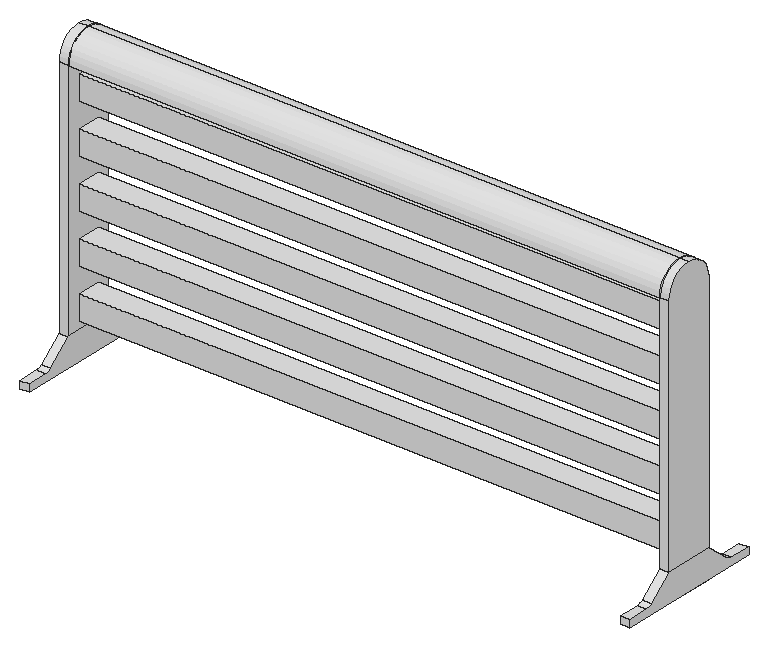
Revit family "Sunshade-Linear-Kawneer-Storefront-Rounded", category Specialty Equipment, host Face, Revit 2015
Parameters
  Width [instance] = 5' - 0"
  URL = "http://www.kawneer.com/kawneer/north_america/en/home.asp"
  Type Comments = ""
  Show Right Outrigger [instance] = yes
  Show Left Outrigger [instance] = yes
  Product data url = "https://bimobject.com/kawneerna/product/04315"
  Product Page URL = "http://www.kawneer.com/kawneer/north_america/en/product.asp?cat_id=1463&prod_id=4315"
  Product Documentation Link = "http://www.kawneer.com/kawneer/north_america/catalog/pdf/Sun_Control/Versoleil_Storefront_Flyer.pdf"
  Model = "Sunshade Linear Storefront"  # constant formula
  Manufacturer = "Kawneer "  # constant formula
  Length = 2' - 6"
  Has Same Mullion Distance [instance] = yes
  Finish = Aluminum - Kawneer - Clear
  Description = "Rounded Outrigger, Bullnose Fascias"
  Default Elevation = 4' - 0"
  Copyright © = "©2012 Kawneer  "  # constant formula
  Mullion Distance [instance] = 4' - 0"
  CTRl Outrigger Count [instance] = if(Outrigger 21 Distance > 0' 0", 23, if(Outrigger 20 Distance > 0' 0", 22, if(Outrigger 19 Distance > 0' 0", 21, if(Outrigger 18 Distance > 0' 0", 20, if(Outrigger 17 Distance > 0' 0", 19, if(Outrigger 16 Distance > 0' 0", 18, if(Outrigger 15 Distance > 0' 0", 17, if(Outrigger 14 Distance > 0' 0", 16, if(Outrigger 13 Distance > 0' 0", 15, if(Outrigger 12 Distance > 0' 0", 14, if(Outrigger 11 Distance > 0' 0", 13, if(Outrigger 10 Distance > 0' 0", 12, if(Outrigger 09 Distance > 0' 0", 11, if(Outrigger 08 Distance > 0' 0", 10, if(Outrigger 07 Distance > 0' 0", 9, if(Outrigger 06 Distance > 0' 0", 8, if(Outrigger 05 Distance > 0' 0", 7, if(Outrigger 04 Distance > 0' 0", 6, if(Outrigger 03 Distance > 0' 0", 5, if(Outrigger 02 Distance > 0' 0", 4, if(Outrigger 01 Distance > 0' 0", 3, (Width / Mullion Distance) + 1)))))))))))))))))))))  # 3
  CTRL Outrigger 21 Distance [instance] = if(Outrigger Count < 23, 0' 0", if(Has Same Mullion Distance, Mullion Distance, if(Outrigger 21 Distance > 5' 0", 5' 0", Outrigger 21 Distance)))  # 0' - 0"
  CTRL Outrigger 20 Distance [instance] = if(Outrigger Count < 22, 0' 0", if(Has Same Mullion Distance, Mullion Distance, if(Outrigger 20 Distance > 5' 0", 5' 0", Outrigger 20 Distance)))  # 0' - 0"
  CTRL Outrigger 19 Distance [instance] = if(Outrigger Count < 21, 0' 0", if(Has Same Mullion Distance, Mullion Distance, if(Outrigger 19 Distance > 5' 0", 5' 0", Outrigger 19 Distance)))  # 0' - 0"
  CTRL Outrigger 18 Distance [instance] = if(Outrigger Count < 20, 0' 0", if(Has Same Mullion Distance, Mullion Distance, if(Outrigger 18 Distance > 5' 0", 5' 0", Outrigger 18 Distance)))  # 0' - 0"
  CTRL Outrigger 17 Distance [instance] = if(Outrigger Count < 19, 0' 0", if(Has Same Mullion Distance, Mullion Distance, if(Outrigger 17 Distance > 5' 0", 5' 0", Outrigger 17 Distance)))  # 0' - 0"
  CTRL Outrigger 16 Distance [instance] = if(Outrigger Count < 18, 0' 0", if(Has Same Mullion Distance, Mullion Distance, if(Outrigger 16 Distance > 5' 0", 5' 0", Outrigger 16 Distance)))  # 0' - 0"
  CTRL Outrigger 15 Distance [instance] = if(Outrigger Count < 17, 0' 0", if(Has Same Mullion Distance, Mullion Distance, if(Outrigger 15 Distance > 5' 0", 5' 0", Outrigger 15 Distance)))  # 0' - 0"
  CTRL Outrigger 14 Distance [instance] = if(Outrigger Count < 16, 0' 0", if(Has Same Mullion Distance, Mullion Distance, if(Outrigger 14 Distance > 5' 0", 5' 0", Outrigger 14 Distance)))  # 0' - 0"
  CTRL Outrigger 13 Distance [instance] = if(Outrigger Count < 15, 0' 0", if(Has Same Mullion Distance, Mullion Distance, if(Outrigger 13 Distance > 5' 0", 5' 0", Outrigger 13 Distance)))  # 0' - 0"
  CTRL Outrigger 12 Distance [instance] = if(Outrigger Count < 14, 0' 0", if(Has Same Mullion Distance, Mullion Distance, if(Outrigger 12 Distance > 5' 0", 5' 0", Outrigger 12 Distance)))  # 0' - 0"
  CTRL Outrigger 11 Distance [instance] = if(Outrigger Count < 13, 0' 0", if(Has Same Mullion Distance, Mullion Distance, if(Outrigger 11 Distance > 5' 0", 5' 0", Outrigger 11 Distance)))  # 0' - 0"
  CTRL Outrigger 10 Distance [instance] = if(Outrigger Count < 12, 0' 0", if(Has Same Mullion Distance, Mullion Distance, if(Outrigger 10 Distance > 5' 0", 5' 0", Outrigger 10 Distance)))  # 0' - 0"
  CTRL Outrigger 09 Distance [instance] = if(Outrigger Count < 11, 0' 0", if(Has Same Mullion Distance, Mullion Distance, if(Outrigger 09 Distance > 5' 0", 5' 0", Outrigger 09 Distance)))  # 0' - 0"
  CTRL Outrigger 08 Distance [instance] = if(Outrigger Count < 10, 0' 0", if(Has Same Mullion Distance, Mullion Distance, if(Outrigger 08 Distance > 5' 0", 5' 0", Outrigger 08 Distance)))  # 0' - 0"
  CTRL Outrigger 07 Distance [instance] = if(Outrigger Count < 9, 0' 0", if(Has Same Mullion Distance, Mullion Distance, if(Outrigger 07 Distance > 5' 0", 5' 0", Outrigger 07 Distance)))  # 0' - 0"
  CTRL Outrigger 06 Distance [instance] = if(Outrigger Count < 8, 0' 0", if(Has Same Mullion Distance, Mullion Distance, if(Outrigger 06 Distance > 5' 0", 5' 0", Outrigger 06 Distance)))  # 0' - 0"
  CTRL Outrigger 05 Distance [instance] = if(Outrigger Count < 7, 0' 0", if(Has Same Mullion Distance, Mullion Distance, if(Outrigger 05 Distance > 5' 0", 5' 0", Outrigger 05 Distance)))  # 0' - 0"
  CTRL Outrigger 04 Distance [instance] = if(Outrigger Count < 6, 0' 0", if(Has Same Mullion Distance, Mullion Distance, if(Outrigger 04 Distance > 5' 0", 5' 0", Outrigger 04 Distance)))  # 0' - 0"
  CTRL Outrigger 03 Distance [instance] = if(Outrigger Count < 5, 0' 0", if(Has Same Mullion Distance, Mullion Distance, if(Outrigger 03 Distance > 5' 0", 5' 0", Outrigger 03 Distance)))  # 0' - 0"
  CTRL Outrigger 02 Distance [instance] = if(Outrigger Count < 4, 0' 0", if(Has Same Mullion Distance, Mullion Distance, if(Outrigger 02 Distance > 5' 0", 5' 0", Outrigger 02 Distance)))  # 0' - 0"
  CTRL Outrigger 01 Distance [instance] = if(Outrigger Count < 3, 0' 0", if(Has Same Mullion Distance, Mullion Distance, if(Outrigger 01 Distance > 5' 0", 5' 0", Outrigger 01 Distance)))  # 0' - 0"
  CTRL Length = if(Length < 2' 6", 2' 6", if(Length = 2' 6", 2' 6", if(Length < 3' 0", 3' 0", if(Length = 3' 0", 3' 0", 2' 6"))))  # 2' - 6"
  Blades Distance = 0' - 5"
  CTRL Middle Blade Visibility [instance] = if(Outrigger Count = 2, 1 = 0, 1 = 1)  # no
  Outrigger Count [instance] = if(Has Same Mullion Distance, (Width / Mullion Distance) + 1, CTRl Outrigger Count)  # 2
  Outrigger 21 Distance [instance] = 0' - 0"
  Outrigger 20 Distance [instance] = 0' - 0"
  Outrigger 19 Distance [instance] = 0' - 0"
  Outrigger 18 Distance [instance] = 0' - 0"
  Outrigger 17 Distance [instance] = 0' - 0"
  Outrigger 16 Distance [instance] = 0' - 0"
  Outrigger 15 Distance [instance] = 0' - 0"
  Outrigger 14 Distance [instance] = 0' - 0"
  Outrigger 13 Distance [instance] = 0' - 0"
  Outrigger 12 Distance [instance] = 0' - 0"
  Outrigger 11 Distance [instance] = 0' - 0"
  Outrigger 10 Distance [instance] = 0' - 0"
  Outrigger 09 Distance [instance] = 0' - 0"
  Outrigger 08 Distance [instance] = 0' - 0"
  Outrigger 07 Distance [instance] = 0' - 0"
  Outrigger 06 Distance [instance] = 0' - 0"
  Outrigger 05 Distance [instance] = 0' - 0"
  Outrigger 04 Distance [instance] = 0' - 0"
  Outrigger 03 Distance [instance] = 0' - 0"
  Outrigger 02 Distance [instance] = 0' - 0"
  Outrigger 01 Distance [instance] = 1' - 6"
  Blade Width [instance] = if(1 = 1, Width, 1' 0")  # 5' - 0"
  Blade Type = Blade-Kawneer-Square : Versoleil
  Blade Count = 5
Reference planes (in)
  plane 1 "Center (Front/Back)": y = 0
  plane 2: z = 0
  plane 3 "Center (Left/Right)": x = 3.30772
  plane 4 "Bracket Bottom": z = 0
  plane 5 "Arm_Center-(T/B)": z = 2.07581
  plane 6 "Left": x = -26.69228
  plane 7 "Right": x = 33.30772
  plane 8 "Bracket_Center-(L/R)-Left": x = -27.16103
  plane 9 "Bracket_Center-(L/R)-Right": x = 33.77647
  plane 10 "Bracket Set 1": x = -27.16103
  plane 11 "Bracket Set 20": x = -27.16103
  plane 12 "Bracket Set 2": x = -27.16103
  plane 13 "Bracket Set 3": x = -27.16103
  plane 14 "Bracket Set 4": x = -27.16103
  plane 15 "Bracket Set 5": x = -27.16103
  plane 16 "Bracket Set 6": x = -27.16103
  plane 17 "Bracket Set 7": x = -27.16103
  plane 18 "Bracket Set 8": x = -27.16103
  plane 19 "Bracket Set 9": x = -27.16103
  plane 20 "Bracket Set 10": x = -27.16103
  plane 21 "Bracket Set 11": x = -27.16103
  plane 22 "Bracket Set 12": x = -27.16103
  plane 23 "Bracket Set 13": x = -27.16103
  plane 24 "Bracket Set 14": x = -27.16103
  plane 25 "Bracket Set 15": x = -27.16103
  plane 26 "Bracket Set 16": x = -27.16103
  plane 27 "Bracket Set 17": x = -27.16103
  plane 28 "Bracket Set 18": x = -27.16103
  plane 29 "Bracket Set 19": x = -27.16103
  plane 30 "Bracket Set 21": x = -27.16103
  plane 31 "Left of Right Outrigger": x = 33.30772
  plane 32 "Right of Right Outrigger": x = 34.24522
  plane 33 "Left of Left Outrigger": x = -27.62978
  plane 34 "Right of Left Outrigger": x = -26.69228
  plane 35 "Blade 1": z = 5
  plane 36 "Blade 2": z = 10
  plane 37 "Top": z = 30
  plane 38 "Back of Fascia": z = 27.50297
Dimensions and locks (in)
  locked: plane 5 "Arm_Center-(T/B)" to plane 4 "Bracket Bottom" at 2.07581
  locked: plane 4 "Bracket Bottom" to plane 2 at 0
  "CTRL Outrigger 01 Distance": plane 8 "Bracket_Center-(L/R)-Left" to plane 10 "Bracket Set 1"
  "CTRL Outrigger 02 Distance": plane 10 "Bracket Set 1" to plane 12 "Bracket Set 2"
  "CTRL Outrigger 03 Distance": plane 12 "Bracket Set 2" to plane 13 "Bracket Set 3"
  "CTRL Outrigger 04 Distance": plane 13 "Bracket Set 3" to plane 14 "Bracket Set 4"
  "CTRL Outrigger 05 Distance": plane 14 "Bracket Set 4" to plane 15 "Bracket Set 5"
  "CTRL Outrigger 06 Distance": plane 15 "Bracket Set 5" to plane 16 "Bracket Set 6"
  "CTRL Outrigger 07 Distance": plane 16 "Bracket Set 6" to plane 17 "Bracket Set 7"
  "CTRL Outrigger 08 Distance": plane 17 "Bracket Set 7" to plane 18 "Bracket Set 8"
  "CTRL Outrigger 09 Distance": plane 18 "Bracket Set 8" to plane 19 "Bracket Set 9"
  "CTRL Outrigger 10 Distance": plane 19 "Bracket Set 9" to plane 20 "Bracket Set 10"
  "CTRL Outrigger 11 Distance": plane 20 "Bracket Set 10" to plane 21 "Bracket Set 11"
  "CTRL Outrigger 12 Distance": plane 21 "Bracket Set 11" to plane 22 "Bracket Set 12"
  "CTRL Outrigger 13 Distance": plane 22 "Bracket Set 12" to plane 23 "Bracket Set 13"
  "CTRL Outrigger 14 Distance": plane 23 "Bracket Set 13" to plane 24 "Bracket Set 14"
  "CTRL Outrigger 15 Distance": plane 24 "Bracket Set 14" to plane 25 "Bracket Set 15"
  "CTRL Outrigger 16 Distance": plane 25 "Bracket Set 15" to plane 26 "Bracket Set 16"
  "CTRL Outrigger 17 Distance": plane 26 "Bracket Set 16" to plane 27 "Bracket Set 17"
  "CTRL Outrigger 18 Distance": plane 27 "Bracket Set 17" to plane 28 "Bracket Set 18"
  "CTRL Outrigger 19 Distance": plane 28 "Bracket Set 18" to plane 29 "Bracket Set 19"
  "CTRL Outrigger 20 Distance": plane 29 "Bracket Set 19" to plane 11 "Bracket Set 20"
  "CTRL Outrigger 21 Distance": plane 11 "Bracket Set 20" to plane 30 "Bracket Set 21"
  locked: plane 32 "Right of Right Outrigger" to plane 31 "Left of Right Outrigger" at 0.9375
  locked: plane 33 "Left of Left Outrigger" to plane 34 "Right of Left Outrigger" at 0.9375
  equal spacing: plane 6 "Left", plane 3 "Center (Left/Right)", plane 7 "Right"
  "Width": plane 6 "Left" to plane 7 "Right"
  locked: plane 7 "Right" to plane 9 "Bracket_Center-(L/R)-Right" at 0.46875
  locked: plane 8 "Bracket_Center-(L/R)-Left" to plane 6 "Left" at 0.46875
  "Blades Distance": plane 35 "Blade 1" to plane 4 "Bracket Bottom"
  "Blades Distance": plane 36 "Blade 2" to plane 35 "Blade 1"
  equal spacing: group 1, group 2, group 3, group 4, group 5  (x3)
  "Length": plane 37 "Top" to plane 4 "Bracket Bottom"
  locked: plane 37 "Top" to plane 38 "Back of Fascia" at 2.49703
  aligned and locked: plane 2 to host face
  aligned and locked: level to host face
  aligned and locked: plane 4 "Bracket Bottom" to nested 1
  aligned and locked: plane 1 "Center (Front/Back)" to nested 1
  aligned and locked: nested 1 to plane 8 "Bracket_Center-(L/R)-Left"
  aligned and locked: plane 9 "Bracket_Center-(L/R)-Right" to nested 2
  aligned and locked: plane 1 "Center (Front/Back)" to nested 2
  aligned and locked: plane 4 "Bracket Bottom" to nested 2
  aligned and locked: nested 3 to plane 10 "Bracket Set 1"
  aligned and locked: nested 4 to plane 12 "Bracket Set 2"
  aligned and locked: nested 5 to plane 13 "Bracket Set 3"
  aligned and locked: nested 6 to plane 14 "Bracket Set 4"
  aligned and locked: nested 7 to plane 15 "Bracket Set 5"
  aligned and locked: nested 8 to plane 16 "Bracket Set 6"
  aligned and locked: nested 9 to plane 17 "Bracket Set 7"
  aligned and locked: nested 10 to plane 18 "Bracket Set 8"
  aligned and locked: nested 11 to plane 19 "Bracket Set 9"
  aligned and locked: nested 12 to plane 20 "Bracket Set 10"
  aligned and locked: nested 13 to plane 21 "Bracket Set 11"
  aligned and locked: nested 14 to plane 22 "Bracket Set 12"
  aligned and locked: nested 15 to plane 23 "Bracket Set 13"
  aligned and locked: nested 16 to plane 24 "Bracket Set 14"
  aligned and locked: nested 17 to plane 25 "Bracket Set 15"
  aligned and locked: nested 18 to plane 26 "Bracket Set 16"
  aligned and locked: nested 19 to plane 27 "Bracket Set 17"
  aligned and locked: nested 20 to plane 28 "Bracket Set 18"
  aligned and locked: nested 21 to plane 29 "Bracket Set 19"
  aligned and locked: nested 22 to plane 11 "Bracket Set 20"
  aligned and locked: plane 4 "Bracket Bottom" to nested 3
  aligned and locked: plane 4 "Bracket Bottom" to nested 4
  aligned and locked: plane 4 "Bracket Bottom" to nested 5
  aligned and locked: plane 4 "Bracket Bottom" to nested 6
  aligned and locked: plane 4 "Bracket Bottom" to nested 7
  aligned and locked: plane 4 "Bracket Bottom" to nested 8
  aligned and locked: plane 4 "Bracket Bottom" to nested 9
  aligned and locked: plane 4 "Bracket Bottom" to nested 10
  aligned and locked: plane 4 "Bracket Bottom" to nested 11
  aligned and locked: plane 4 "Bracket Bottom" to nested 12
  aligned and locked: plane 4 "Bracket Bottom" to nested 13
  aligned and locked: plane 4 "Bracket Bottom" to nested 14
  aligned and locked: plane 4 "Bracket Bottom" to nested 15
  aligned and locked: plane 4 "Bracket Bottom" to nested 16
  aligned and locked: plane 4 "Bracket Bottom" to nested 17
  aligned and locked: plane 4 "Bracket Bottom" to nested 18
  aligned and locked: plane 4 "Bracket Bottom" to nested 19
  aligned and locked: plane 4 "Bracket Bottom" to nested 20
  aligned and locked: plane 4 "Bracket Bottom" to nested 21
  aligned and locked: plane 4 "Bracket Bottom" to nested 22
  aligned and locked: nested 23 to plane 30 "Bracket Set 21"
  aligned and locked: plane 1 "Center (Front/Back)" to nested 23
  aligned and locked: plane 1 "Center (Front/Back)" to nested 22
  aligned and locked: plane 1 "Center (Front/Back)" to nested 21
  aligned and locked: plane 1 "Center (Front/Back)" to nested 20
  aligned and locked: plane 1 "Center (Front/Back)" to nested 19
  aligned and locked: plane 1 "Center (Front/Back)" to nested 18
  aligned and locked: plane 1 "Center (Front/Back)" to nested 17
  aligned and locked: plane 1 "Center (Front/Back)" to nested 16
  aligned and locked: plane 1 "Center (Front/Back)" to nested 15
  aligned and locked: plane 1 "Center (Front/Back)" to nested 14
  aligned and locked: plane 7 "Right" to plane 31 "Left of Right Outrigger"
  aligned and locked: plane 34 "Right of Left Outrigger" to nested 1
  aligned and locked: plane 6 "Left" to plane 34 "Right of Left Outrigger"
  aligned and locked: plane 35 "Blade 1" to nested 24
  aligned and locked: plane 1 "Center (Front/Back)" to nested 24
  aligned and locked: plane 1 "Center (Front/Back)" to nested 13
  aligned and locked: plane 6 "Left" to nested 25
  aligned and locked: plane 1 "Center (Front/Back)" to nested 25
  aligned and locked: plane 36 "Blade 2" to nested 26
  aligned and locked: plane 37 "Top" to nested 2
  aligned and locked: plane 38 "Back of Fascia" to nested 25
  aligned and locked: plane 6 "Left" to nested 26
  aligned and locked: plane 34 "Right of Left Outrigger" to nested 24
  aligned and locked: nested 25 to plane 31 "Left of Right Outrigger"
Automatic sketch dimensions
  host sketch curve to host sketch curve = 8' - 0"  (x2)
Nested families (in)
  nested 1: "Outrigger-Kawneer-Rounded" at (-27.16103, 0, 0), visible <- "Show Left Outrigger", type "5""
  nested 2: "Outrigger-Kawneer-Rounded" at (33.77647, 0, 0), visible <- "Show Right Outrigger", type "5""
  nested 3: "Outrigger-Kawneer-Rounded" at (-27.16103, 0, 0), visible <- "CTRL Middle Blade Visibility", type "5""
  nested 4: "Outrigger-Kawneer-Rounded" at (-27.16103, 0, 0), visible <- "CTRL Middle Blade Visibility", type "5""
  nested 5: "Outrigger-Kawneer-Rounded" at (-27.16103, 0, 0), visible <- "CTRL Middle Blade Visibility", type "5""
  nested 6: "Outrigger-Kawneer-Rounded" at (-27.16103, 0, 0), visible <- "CTRL Middle Blade Visibility", type "5""
  nested 7: "Outrigger-Kawneer-Rounded" at (-27.16103, 0, 0), visible <- "CTRL Middle Blade Visibility", type "5""
  nested 8: "Outrigger-Kawneer-Rounded" at (-27.16103, 0, 0), visible <- "CTRL Middle Blade Visibility", type "5""
  nested 9: "Outrigger-Kawneer-Rounded" at (-27.16103, 0, 0), visible <- "CTRL Middle Blade Visibility", type "5""
  nested 10: "Outrigger-Kawneer-Rounded" at (-27.16103, 0, 0), visible <- "CTRL Middle Blade Visibility", type "5""
  nested 11: "Outrigger-Kawneer-Rounded" at (-27.16103, 0, 0), visible <- "CTRL Middle Blade Visibility", type "5""
  nested 12: "Outrigger-Kawneer-Rounded" at (-27.16103, 0, 0), visible <- "CTRL Middle Blade Visibility", type "5""
  nested 13: "Outrigger-Kawneer-Rounded" at (-27.16103, 0, 0), visible <- "CTRL Middle Blade Visibility", type "5""
  nested 14: "Outrigger-Kawneer-Rounded" at (-27.16103, 0, 0), visible <- "CTRL Middle Blade Visibility", type "5""
  nested 15: "Outrigger-Kawneer-Rounded" at (-27.16103, 0, 0), visible <- "CTRL Middle Blade Visibility", type "5""
  nested 16: "Outrigger-Kawneer-Rounded" at (-27.16103, 0, 0), visible <- "CTRL Middle Blade Visibility", type "5""
  nested 17: "Outrigger-Kawneer-Rounded" at (-27.16103, 0, 0), visible <- "CTRL Middle Blade Visibility", type "5""
  nested 18: "Outrigger-Kawneer-Rounded" at (-27.16103, 0, 0), visible <- "CTRL Middle Blade Visibility", type "5""
  nested 19: "Outrigger-Kawneer-Rounded" at (-27.16103, 0, 0), visible <- "CTRL Middle Blade Visibility", type "5""
  nested 20: "Outrigger-Kawneer-Rounded" at (-27.16103, 0, 0), visible <- "CTRL Middle Blade Visibility", type "5""
  nested 21: "Outrigger-Kawneer-Rounded" at (-27.16103, 0, 0), visible <- "CTRL Middle Blade Visibility", type "5""
  nested 22: "Outrigger-Kawneer-Rounded" at (-27.16103, 0, 0), visible <- "CTRL Middle Blade Visibility", type "5""
  nested 23: "Outrigger-Kawneer-Rounded" at (-27.16103, 0, 0), visible <- "CTRL Middle Blade Visibility", type "5""
  nested 24: "Blade-Kawneer-Square" at (3.30772, 0, 3.75), type <- "Blade Type", CTRL Width <- "Width", type "Versoleil"
    with CTRL Width 5' - 0", Blade Materials Aluminum - Kawneer - Clear
  nested 25: "Fascia-Kawneer-Bullnose" at (3.30772, 0, 27.50297), Fascias Materials <- "Finish", CTRL Width <- "Width", type "Versoleil"
    with Fascias Materials Aluminum - Kawneer - Clear, CTRL Width 5' - 0"
  nested 26: "Blade-Kawneer-Square" at (3.30772, 0, 8.75), type <- "Blade Type", CTRL Width <- "Width", type "Versoleil"
    with CTRL Width 5' - 0", Blade Materials Aluminum - Kawneer - Clear
  nested 27: "Blade-Kawneer-Square" at (3.30772, 0, 13.75), type <- "Blade Type", CTRL Width <- "Width", type "Versoleil"
    with CTRL Width 5' - 0", Blade Materials Aluminum - Kawneer - Clear
  nested 28: "Blade-Kawneer-Square" at (3.30772, 0, 18.75), type <- "Blade Type", CTRL Width <- "Width", type "Versoleil"
    with CTRL Width 5' - 0", Blade Materials Aluminum - Kawneer - Clear
  nested 29: "Blade-Kawneer-Square" at (3.30772, 0, 23.75), type <- "Blade Type", CTRL Width <- "Width", type "Versoleil"
    with CTRL Width 5' - 0", Blade Materials Aluminum - Kawneer - Clear
Definition of nested family "Outrigger-Kawneer-Rounded"
  Parameters
    Length = 2' - 6"
    CTRL Width = 0' - 0 15/16"
    Outrigger Materials = none
  Reference planes (in)
    plane 1 "Center (Front/Back)": y = 0
    plane 2 "Original Bottom": z = 0
    plane 3 "Center (Left/Right)": x = 0
    plane 4 "Left": x = -0.46875
    plane 5 "Right": x = 0.46875
    plane 6 "Front": y = -2.5
    plane 7 "Back": y = 2.5
    plane 8 "Top": z = 30
    plane 9 "Bottom": z = 0
    plane 10 "Top of Braket": z = 2.9
    plane 11 "Right of Braket": y = 7.53105
    plane 12 "Left of Bracket": y = -7.53105
    plane 13 "Right of Left Bracket": x = -0.21875
    plane 14 "Left of Right Bracket": x = 0.21875
  Forms (in)
    Sweep 1, solid, material <- "Outrigger Materials"
      path origin (10, 0, -1.86973) x (1, 0, 0) y (0, 0, 1)
        loop
          line (-9.53125, 8.91333) -> (-10.46875, 8.91333)
      profile origin (0, 0, 7.0436) x (0, 0, -1) y (0, -1, 0)
        loop
          line (7.0436, 2.5) -> (-20.44495, 2.5)
          arc (-20.44495, 2.5) -> (-22.22011, 1.77184) -> (-22.9564, 0.00003) r 2.5
          arc (-22.9564, 0.00003) -> (-22.22417, -1.76774) -> (-20.4564, -2.49997) r 2.5
          line (-20.4564, -2.49997) -> (7.0436, -2.5) -> (7.0436, 2.5)
    Sweep 2, solid, material <- "Outrigger Materials", detail levels fine
      path origin (0, 0, -1.03601) x (1, 0, 0) y (0, 0, 1)
        loop
          line (0.46875, 30.5) -> (-0.46875, 30.5)
      profile origin (0, 0, 29.46399) x (0, 0, -1) y (0, -1, 0)
        loop
          line (26.56399, 2.43915) -> (26.56399, -2.50126) -> (28.48003, -4.78471)
          arc (28.48003, -4.78471) -> (28.65368, -5.08548) -> (28.71399, -5.4275) r 1
          line (28.71399, -5.4275) -> (28.71399, -7.53105) -> (29.46399, -7.53105) -> (29.46399, 7.46895) -> (28.71399, 7.46895) -> (28.71399, 5.3654)
          arc (28.71399, 5.3654) -> (28.65368, 5.02338) -> (28.48003, 4.72261) r 1
          line (28.48003, 4.72261) -> (26.56399, 2.43915)
  Lines and regions (in)
    Masking region 1
      outline origin (0, 0, 0) x (0, 1, 0) y (0, 0, 1)
        loop
          line (-2.5, 27.48833) -> (-2.5, 0) -> (2.49997, 0) -> (2.49997, 27.5)
          arc (2.49997, 27.5) -> (1.76774, 29.26777) -> (-0.00003, 30) r 2.5
          arc (-0.00003, 30) -> (-1.77191, 29.26364) -> (-2.5, 27.48833) r 2.5
    Masking region 2
      outline origin (0, 0, 0) x (1, 0, 0) y (0, 0, 1)
        loop
          line (0.46875, 30) -> (-0.46875, 30) -> (-0.46875, 0) -> (0.46875, 0) -> (0.46875, 30)
    Masking region 3
      outline origin (0, 0, 0) x (1, 0, 0) y (0, 0, 1)
        loop
          line (0.46875, 30) -> (-0.46875, 30) -> (-0.46875, 0) -> (0.46875, 0) -> (0.46875, 30)
    symbolic lines
      curve 1: line (0, 2.49997, 0) -> (0, 2.49997, 27.5)
      curve 2: arc (0, 2.49997, 27.5) -> (0, 1.76774, 29.26777) -> (0, -0.00003, 30) r 2.5
      curve 3: arc (0, -0.00003, 30) -> (0, -1.76779, 29.26777) -> (0, -2.50003, 27.5) r 2.5
      curve 4: line (0, -2.5, 27.49292) -> (0, -2.5, 27.42301)
      curve 5: line (0, -2.50003, 0) -> (0, 2.49997, 0)
      curve 10: line (0.46875, -7.46895, 0) -> (0.46875, 7.53105, 0)
      curve 20: line (0.46875, -7.46895, 0) -> (0.46875, 7.53105, 0)
      curve 32: line (-0.46875, -7.46895, 0) -> (-0.46875, 7.53105, 0)
      curve 36: line (-0.46875, 2.49997, 0) -> (-0.46875, 2.49997, 27.5)
      curve 37: arc (-0.46875, 2.49997, 27.5) -> (-0.46875, 1.76774, 29.26777) -> (-0.46875, -0.00003, 30) r 2.5
      curve 38: arc (-0.46875, -0.00003, 30) -> (-0.46875, -1.77191, 29.26364) -> (-0.46875, -2.5, 27.48833) r 2.5
      curve 39: line (-0.46875, -2.5, 27.48833) -> (-0.46875, -2.5, 0)
      curve 40: line (-0.46875, -2.5, 0) -> (-0.46875, 2.49997, 0)
      curve 49: line (0, -2.50003, 27.5) -> (0, -2.50003, 0)
      curve 51: line (0.46875, 0, 30) -> (-0.46875, 0, 30)
      curve 52: line (0.46875, 0, 0) -> (0.46875, 0, 30)
      curve 53: line (-0.46875, 0, 0) -> (0.46875, 0, 0)
      curve 54: line (-0.46875, 0, 30) -> (-0.46875, 0, 0)
      curve 60: line (-0.46875, 0, 0) -> (0.46875, 0, 0)
    symbolic lines, detail levels medium+fine
      curve 6: line (0.46875, -2.43915, 2.9) -> (0.46875, -4.72261, 0.98396)
      curve 7: arc (0.46875, -4.72261, 0.98396) -> (0.46875, -5.02338, 0.81031) -> (0.46875, -5.3654, 0.75) r 1
      curve 8: line (0.46875, -5.3654, 0.75) -> (0.46875, -7.46895, 0.75)
      curve 9: line (0.46875, -7.46895, 0.75) -> (0.46875, -7.46895, 0)
      curve 11: line (0.46875, 7.53105, 0) -> (0.46875, 7.53105, 0.75)
      curve 12: line (0.46875, 7.53105, 0.75) -> (0.46875, 5.4275, 0.75)
      curve 13: arc (0.46875, 5.4275, 0.75) -> (0.46875, 5.08548, 0.81031) -> (0.46875, 4.78471, 0.98396) r 1
      curve 14: line (0.46875, 4.78471, 0.98396) -> (0.46875, 2.50126, 2.9)
      curve 16: line (0.46875, -2.43915, 2.9) -> (0.46875, -4.72261, 0.98396)
      curve 17: arc (0.46875, -4.72261, 0.98396) -> (0.46875, -5.02338, 0.81031) -> (0.46875, -5.3654, 0.75) r 1
      curve 18: line (0.46875, -5.3654, 0.75) -> (0.46875, -7.46895, 0.75)
      curve 19: line (0.46875, -7.46895, 0.75) -> (0.46875, -7.46895, 0)
      curve 21: line (0.46875, 7.53105, 0) -> (0.46875, 7.53105, 0.75)
      curve 22: line (0.46875, 7.53105, 0.75) -> (0.46875, 5.4275, 0.75)
      curve 23: arc (0.46875, 5.4275, 0.75) -> (0.46875, 5.08548, 0.81031) -> (0.46875, 4.78471, 0.98396) r 1
      curve 24: line (0.46875, 4.78471, 0.98396) -> (0.46875, 2.50126, 2.9)
      curve 26: line (-0.46875, 4.78471, 0.98396) -> (-0.46875, 2.50126, 2.9)
      curve 28: line (-0.46875, -2.43915, 2.9) -> (-0.46875, -4.72261, 0.98396)
      curve 29: arc (-0.46875, -4.72261, 0.98396) -> (-0.46875, -5.02338, 0.81031) -> (-0.46875, -5.3654, 0.75) r 1
      curve 30: line (-0.46875, -5.3654, 0.75) -> (-0.46875, -7.46895, 0.75)
      curve 31: line (-0.46875, -7.46895, 0.75) -> (-0.46875, -7.46895, 0)
      curve 33: line (-0.46875, 7.53105, 0) -> (-0.46875, 7.53105, 0.75)
      curve 34: line (-0.46875, 7.53105, 0.75) -> (-0.46875, 5.4275, 0.75)
      curve 35: arc (-0.46875, 5.4275, 0.75) -> (-0.46875, 5.08548, 0.81031) -> (-0.46875, 4.78471, 0.98396) r 1
    symbolic lines, detail levels fine
      curve 15: line (0.46875, 2.50126, 2.9) -> (0.46875, -2.43915, 2.9)
      curve 25: line (-0.46875, 2.50126, 2.9) -> (-0.46875, -2.43915, 2.9)
      curve 27: line (-0.46875, 2.50126, 2.9) -> (-0.46875, -2.43915, 2.9)
      curve 55: line (-0.21875, 2.5, 30) -> (-0.21875, 2.5, 0)
      curve 56: line (0.21875, 2.5, 30) -> (0.21875, 2.5, 0)
      curve 58: line (0.46875, 2.5, 2.9) -> (-0.46875, 2.5, 2.9)
      curve 59: line (0.46875, 2.5, 0) -> (0.46875, 2.5, 2.9)
      curve 61: line (-0.46875, 2.5, 2.9) -> (-0.46875, 2.5, 0)
    model lines, detail levels medium
      curve 41: line (0.46875, 7.53105, 0) -> (-0.46875, 7.53105, 0)
      curve 42: line (0.46875, -7.53105, 0) -> (0.46875, 7.53105, 0)
      curve 43: line (-0.46875, -7.53105, 0) -> (0.46875, -7.53105, 0)
      curve 44: line (-0.46875, 7.53105, 0) -> (-0.46875, -7.53105, 0)
    model lines, detail levels coarse
      curve 45: line (0, 2.5, 0) -> (0, 2.5, 27.42527)
      curve 46: line (0, -2.5, 0) -> (0, 2.5, 0)
      curve 47: line (0, -2.5, 27.5) -> (0, -2.5, 0)
      curve 48: arc (0, 0.02375, 29.92515) -> (0, -1.7455, 29.21502) -> (0, -2.4997, 27.4641) r 2.5
      curve 50: arc (0, 2.5, 27.42527) -> (0, 1.77614, 29.18462) -> (0, 0.02375, 29.92515) r 2.5
    symbolic lines, detail levels medium
      curve 57: line (0, 2.5, 30) -> (0, 2.5, 0)
  Dimensions and locks (in)
    "CTRL Width": plane 4 "Left" to plane 5 "Right"
    equal spacing: plane 4 "Left", plane 3 "Center (Left/Right)", plane 5 "Right"
    equal spacing: plane 6 "Front", plane 1 "Center (Front/Back)", plane 7 "Back"
    "Length": plane 8 "Top" to plane 9 "Bottom"
    locked: plane 10 "Top of Braket" to plane 9 "Bottom" at 2.9
    locked: plane 12 "Left of Bracket" to plane 11 "Right of Braket" at 15.0621
    locked: plane 4 "Left" to plane 13 "Right of Left Bracket" at 0.25
    locked: plane 14 "Left of Right Bracket" to plane 5 "Right" at 0.25
    locked: plane 12 "Left of Bracket" to plane 6 "Front" at 5.03105
    locked: plane 7 "Back" to plane 11 "Right of Braket" at 5.03105
    aligned and locked: plane 4 "Left" to Sweep 1 sketch curve
    aligned and locked: plane 5 "Right" to Sweep 1 sketch curve
    aligned: Sweep 1 to plane 2 "Original Bottom"  (x2)
    aligned: plane 8 "Top" to Sweep 1  (x2)
    aligned: plane 6 "Front" to Sweep 1  (x2)
    aligned: plane 7 "Back" to Sweep 1  (x2)
    aligned: plane 9 "Bottom" to plane 2 "Original Bottom"
    aligned: Sweep 1 to plane 9 "Bottom"  (x3)
    aligned: Sweep 1 to plane 7 "Back"  (x2)
    aligned: Sweep 1 to plane 6 "Front"  (x3)
    aligned and locked: plane 9 "Bottom" to plane 2 "Original Bottom"
    aligned and locked: plane 5 "Right" to Sweep 2 sketch curve
    aligned and locked: plane 4 "Left" to Sweep 2 sketch curve
    aligned and locked: Sweep 2 to plane 9 "Bottom"  (x4)
    aligned and locked: plane 11 "Right of Braket" to Sweep 2
    aligned and locked: plane 10 "Top of Braket" to Sweep 2  (x2)
    aligned and locked: Sweep 1 to plane 9 "Bottom"
    aligned and locked: Sweep 1 to plane 6 "Front"
    aligned and locked: Sweep 1 to plane 7 "Back"
    aligned and locked: plane 8 "Top" to Sweep 1 sketch curve
    aligned and locked: Sweep 1 to Masking region 1 sketch curve
    aligned and locked: Masking region 1 sketch curve to Sweep 1  (x2)
    aligned and locked: curve 1 to Masking region 1
    aligned and locked: curve 2 to Masking region 1
    aligned and locked: curve 3 to Masking region 1
    aligned and locked: curve 4 to Masking region 1
    aligned and locked: curve 5 to Masking region 1
    aligned and locked: curve 36 to curve 1
    aligned and locked: curve 4 to curve 39
    aligned and locked: curve 5 to curve 40
    aligned and locked: curve 41 to plane 11 "Right of Braket"
    aligned and locked: curve 43 to plane 12 "Left of Bracket"
    aligned and locked: plane 5 "Right" to curve 42
    aligned and locked: plane 4 "Left" to curve 44
    aligned and locked: curve 46 to plane 9 "Bottom"
    aligned and locked: curve 45 to plane 7 "Back"
    aligned and locked: curve 47 to plane 6 "Front"
    aligned and locked: plane 1 "Center (Front/Back)" to curve 48
    aligned and locked: plane 8 "Top" to Masking region 2 sketch curve
    aligned and locked: Masking region 2 sketch curve to plane 9 "Bottom"
    aligned and locked: plane 5 "Right" to Masking region 2 sketch curve
    aligned and locked: plane 4 "Left" to Masking region 2 sketch curve
    aligned and locked: plane 8 "Top" to curve 51
    aligned and locked: curve 53 to plane 9 "Bottom"
    aligned and locked: plane 4 "Left" to curve 54
    aligned and locked: Masking region 3 sketch curve to plane 9 "Bottom"
    aligned and locked: plane 8 "Top" to Masking region 3 sketch curve
    aligned and locked: plane 5 "Right" to Masking region 3 sketch curve
    aligned and locked: plane 4 "Left" to Masking region 3 sketch curve
    aligned and locked: plane 13 "Right of Left Bracket" to curve 55
    aligned and locked: curve 56 to plane 14 "Left of Right Bracket"
    aligned and locked: curve 57 to plane 3 "Center (Left/Right)"
  Automatic sketch dimensions
    level to Sweep 1 sketch curve = 0' - 7.0436"
    Sweep 2 sketch curve to plane 8 "Top" = 0' - 0.53601"
    plane 1 "Center (Front/Back)" to Sweep 2 sketch curve = 0' - 2.43915"
    Sweep 2 sketch curve to profile plane = 2' - 2.56399"
    Sweep 2 sketch curve to Sweep 2 sketch curve = 0' - 1.15"
    Sweep 2 sketch curve to Sweep 2 sketch curve = 0' - 0.76604"  (x2)
    Sweep 2 sketch curve to Sweep 2 sketch curve = 0' - 0.23396"  (x2)
    Sweep 2 sketch curve to Sweep 2 sketch curve = 0' - 2.28345"
    Sweep 2 sketch curve to Sweep 2 sketch curve = 0' - 2.10355"  (x2)
    Sweep 2 sketch curve to Sweep 2 sketch curve = 0' - 0 3/4"  (x2)
    Sweep 2 sketch curve to plane 1 "Center (Front/Back)" = 0' - 2.50126"
    Sweep 2 sketch curve to plane 1 "Center (Front/Back)" = 0' - 4.78471"
    Sweep 1 sketch curve to Sweep 1 sketch curve = 0' - 0"  (x2)
    plane 1 "Center (Front/Back)" to Sweep 1 sketch curve = 0' - 0.00003"
    Sweep 1 sketch curve to Sweep 1 sketch curve = 0' - 2 1/2"
    plane 1 "Center (Front/Back)" to Sweep 1 sketch curve = 0' - 2 1/2"
    Sweep 1 sketch curve to profile plane = 0' - 7.0436"
    Sweep 1 sketch curve to plane 1 "Center (Front/Back)" = 0' - 2 1/2"
    plane 6 "Front" to Masking region 1 sketch curve = 0' - 0"
    curve 13 to curve 14 = 0' - 0.64279"
    plane 7 "Back" to curve 15 = 0' - 0.00126"
    curve 7 to curve 7 = 0' - 0.23396"
    curve 33 to plane 11 "Right of Braket" = 0' - 0"
    curve 35 to curve 26 = 0' - 0.64279"
    curve 29 to curve 29 = 0' - 0.64279"
    plane 12 "Left of Bracket" to curve 31 = 0' - 0.0621"
    curve 26 to plane 7 "Back" = 0' - 0.00126"
    level to curve 32 = 0' - 0"
    curve 48 to curve 50 = 0' - 0"  (x2)
    plane 6 "Front" to curve 48 = 0' - 0.0003"
    curve 50 to plane 1 "Center (Front/Back)" = 0' - 0.02375"
    curve 4 to curve 3 = 0' - 0.07699"
    curve 4 to curve 49 = 0' - 0.00708"
    curve 49 to curve 47 = 0' - 0"
    curve 53 to plane 5 "Right" = 0' - 0"
    curve 58 to plane 5 "Right" = 0' - 0"
    plane 4 "Left" to curve 58 = 0' - 0"
    curve 59 to level = 0' - 0"
    curve 61 to level = 0' - 0"
    curve 61 to plane 10 "Top of Braket" = 0' - 0"
    curve 57 to plane 8 "Top" = 0' - 0"
    curve 57 to level = 0' - 0"
    curve 56 to level = 0' - 0"
    curve 56 to plane 8 "Top" = 0' - 0"
    curve 55 to level = 0' - 0"
    curve 55 to plane 8 "Top" = 0' - 0"
    curve 11 to plane 11 "Right of Braket" = 0' - 0"
    curve 15 to plane 10 "Top of Braket" = 0' - 0"
    curve 20 to level = 0' - 0"
    curve 22 to level = 0' - 0 3/4"
    curve 22 to plane 11 "Right of Braket" = 0' - 2.10355"
    curve 15 to plane 6 "Front" = 0' - 0.06085"
    curve 6 to level = 0' - 0.98396"
    plane 6 "Front" to curve 6 = 0' - 2.22261"
    curve 8 to plane 12 "Left of Bracket" = 0' - 0.0621"
    level to curve 34 = 0' - 0 3/4"
    curve 33 to curve 34 = 0' - 2.10355"
    plane 6 "Front" to curve 28 = 0' - 0.06085"
    level to curve 29 = 0' - 0.98396"
    curve 29 to plane 6 "Front" = 0' - 2.22261"
    curve 37 to curve 38 = 0' - 0"
    curve 38 to plane 8 "Top" = 0' - 0"
    plane 1 "Center (Front/Back)" to curve 37 = 0' - 0.00003"
    curve 30 to curve 28 = 0' - 0.23396"
    curve 34 to curve 26 = 0' - 0.23396"
    curve 7 to curve 17 = 0' - 0.64279"
    curve 13 to curve 23 = 0' - 0.23396"
    curve 25 to plane 10 "Top of Braket" = 0' - 0"
Definition of nested family "Blade-Kawneer-Square"
  Parameters
    CTRL Width [instance] = 12' - 0"
    Blade Materials [instance] = none
  Reference planes (in)
    plane 1 "Center (Front/Back)": y = 0
    plane 2 "Original Bottom": z = 0
    plane 3 "Center (Left/Right)": x = 0
    plane 4 "Left": x = -72
    plane 5 "Right": x = 72
    plane 6 "Front": y = -1.25
    plane 7 "Back": y = 1.25
    plane 8 "Top": z = 2.5
    plane 9 "Bottom": z = 1.25
  Forms (in)
    Sweep 1, solid, material <- "Blade Materials", detail levels medium+fine
      path origin (10, 0, -1.63267) x (1, 0, 0) y (0, 0, 1)
        loop
          line (62, 8.91333) -> (-82, 8.91333)
      profile origin (0, 0, 7.28066) x (0, 0, -1) y (0, -1, 0)
        loop
          line (4.78066, -1.25) -> (6.03066, -1.25) -> (7.28066, -1.25) -> (7.28066, 1.25) -> (6.03066, 1.25) -> (4.78066, 1.25) -> (4.78066, -1.25)
  Lines and regions (in)
    Masking region 1
      outline origin (0, 0, 0) x (0, 1, 0) y (0, 0, 1)
        loop
          line (1.25, 2.5) -> (-1.25, 2.5) -> (-1.25, 0) -> (1.25, 0) -> (1.25, 2.5)
    Masking region 2
      outline origin (0, 0, 0) x (1, 0, 0) y (0, 1, 0)
        loop
          line (72, 1.25) -> (-72, 1.25) -> (-72, -1.25) -> (72, -1.25) -> (72, 1.25)
    Masking region 3
      outline origin (0, 0, 0) x (1, 0, 0) y (0, 0, 1)
        loop
          line (72, 2.5) -> (-72, 2.5) -> (-72, 0) -> (72, 0) -> (72, 2.5)
    symbolic lines
      curve 1: line (0, 1.25, 2.5) -> (0, -1.25, 2.5)
      curve 2: line (0, -1.25, 2.5) -> (0, -1.25, 0)
      curve 3: line (0, -1.25, 0) -> (0, 1.25, 0)
      curve 4: line (0, 1.25, 0) -> (0, 1.25, 2.5)
      curve 5: line (-72, 1.25, 2.5) -> (-72, -1.25, 2.5)
      curve 6: line (-72, -1.25, 2.5) -> (-72, -1.25, 0)
      curve 7: line (-72, -1.25, 0) -> (-72, 1.25, 0)
      curve 8: line (-72, 1.25, 0) -> (-72, 1.25, 2.5)
      curve 11: line (72, 1.25, 2.5) -> (-72, 1.25, 2.5)
      curve 12: line (72, -1.25, 2.5) -> (72, 1.25, 2.5)
      curve 13: line (-72, -1.25, 2.5) -> (72, -1.25, 2.5)
      curve 14: line (-72, 1.25, 2.5) -> (-72, -1.25, 2.5)
      curve 15: line (72, -1.25, 2.5) -> (-72, -1.25, 2.5)
      curve 16: line (72, -1.25, 1.25) -> (72, -1.25, 2.5)
      curve 17: line (-72, -1.25, 1.25) -> (72, -1.25, 1.25)
      curve 18: line (-72, -1.25, 2.5) -> (-72, -1.25, 1.25)
    model lines, detail levels coarse
      curve 9: line (-72, 0, 1.25) -> (72, 0, 1.25)
    symbolic lines, detail levels coarse
      curve 10: line (-72, 0, 1.25) -> (72, 0, 1.25)
  Dimensions and locks (in)
    "CTRL Width": plane 4 "Left" to plane 5 "Right"
    equal spacing: plane 4 "Left", plane 3 "Center (Left/Right)", plane 5 "Right"
    equal spacing: plane 6 "Front", plane 1 "Center (Front/Back)", plane 7 "Back"
    equal spacing: plane 8 "Top", plane 9 "Bottom", plane 2 "Original Bottom"
    aligned and locked: plane 4 "Left" to Sweep 1 sketch curve
    aligned and locked: plane 5 "Right" to Sweep 1 sketch curve
    aligned and locked: Sweep 1 to plane 2 "Original Bottom"
    aligned and locked: plane 8 "Top" to Sweep 1
    aligned and locked: plane 6 "Front" to Sweep 1
    aligned and locked: plane 7 "Back" to Sweep 1
    aligned and locked: Masking region 1 sketch curve to Sweep 1  (x4)
    aligned and locked: curve 1 to Masking region 1
    aligned and locked: curve 2 to Masking region 1
    aligned and locked: curve 3 to Masking region 1
    aligned and locked: curve 4 to Masking region 1
    aligned and locked: curve 5 to curve 1
    aligned and locked: curve 6 to curve 2
    aligned and locked: curve 7 to curve 3
    aligned and locked: curve 8 to curve 4
    aligned and locked: plane 1 "Center (Front/Back)" to curve 9
    aligned and locked: plane 1 "Center (Front/Back)" to curve 10
    aligned and locked: plane 5 "Right" to Masking region 2 sketch curve
    aligned and locked: plane 4 "Left" to Masking region 2 sketch curve
    aligned and locked: Masking region 2 sketch curve to plane 7 "Back"
    aligned and locked: Masking region 2 sketch curve to plane 6 "Front"
    aligned and locked: plane 5 "Right" to curve 12
    aligned and locked: plane 4 "Left" to curve 14
    aligned and locked: curve 11 to plane 7 "Back"
    aligned and locked: plane 5 "Right" to Masking region 3 sketch curve
    aligned and locked: plane 4 "Left" to Masking region 3 sketch curve
    aligned and locked: Masking region 3 sketch curve to plane 8 "Top"
    aligned and locked: Masking region 3 sketch curve to plane 2 "Original Bottom"
    aligned and locked: plane 5 "Right" to curve 16
    aligned and locked: plane 4 "Left" to curve 18
    aligned and locked: curve 15 to plane 8 "Top"
    aligned and locked: curve 17 to curve 9
  Automatic sketch dimensions
    level to Sweep 1 sketch curve = 0' - 7.28066"
    Sweep 1 sketch curve to plane 1 "Center (Front/Back)" = 0' - 1 1/4"
    Sweep 1 sketch curve to profile plane = 0' - 4.78066"
    Sweep 1 sketch curve to Sweep 1 sketch curve = 0' - 1 1/4"  (x3)
    plane 1 "Center (Front/Back)" to Sweep 1 sketch curve = 0' - 1 1/4"
    curve 10 to plane 4 "Left" = 0' - 0"
    curve 10 to plane 5 "Right" = 0' - 0"
    curve 9 to plane 5 "Right" = 0' - 0"
    curve 9 to plane 4 "Left" = 0' - 0"
    curve 13 to plane 6 "Front" = 0' - 0"
Definition of nested family "Fascia-Kawneer-Bullnose"
  Parameters
    CTRL Width [instance] = 12' - 0"
    Fascias Materials [instance] = none
  Reference planes (in)
    plane 1 "Center (Front/Back)": y = 0
    plane 2 "Original Bottom": z = 0
    plane 3 "Center (Left/Right)": x = 0
    plane 4 "Left": x = -72
    plane 5 "Right": x = 72
    plane 6 "Front": y = -2.5
    plane 7 "Back": y = 2.5
    plane 8 "Top": z = 2.53125
    plane 9 "Bottom": z = 0
  Forms (in)
    Sweep 1, solid, material <- "Fascias Materials", detail levels medium+fine
      path origin (10, 0, -1.68854) x (1, 0, 0) y (0, 0, 1)
        loop
          line (62, 8.91333) -> (-82, 8.91333)
      profile origin (0, 0, 7.22479) x (0, 0, -1) y (0, -1, 0)
        loop
          arc (7.22479, 2.5308) -> (5.43686, 1.80978) -> (4.69354, 0.031) r 2.5
          arc (4.69354, 0.031) -> (5.43686, -1.74778) -> (7.22479, -2.46881) r 2.5
          line (7.22479, -2.46881) -> (7.22479, 2.5308)
  Lines and regions (in)
    Masking region 1
      outline origin (0, 0, 0) x (0, 1, 0) y (0, 0, 1)
        loop
          arc (-0.031, 2.53125) -> (-1.80978, 1.78793) -> (-2.5308, 0) r 2.5
          line (-2.5308, 0) -> (2.46881, 0)
          arc (2.46881, 0) -> (1.74778, 1.78793) -> (-0.031, 2.53125) r 2.5
    Masking region 2
      outline origin (0, 0, 2.53125) x (-1, 0, 0) y (0, -1, 0)
        loop
          line (-72, -2.5) -> (72, -2.5) -> (72, 2.5) -> (-72, 2.5) -> (-72, -2.5)
    Masking region 3
      outline origin (0, 0, 0) x (1, 0, 0) y (0, 0, 1)
        loop
          line (72, 2.53125) -> (-72, 2.53125) -> (-72, 0) -> (72, 0) -> (72, 2.53125)
    symbolic lines
      curve 1: arc (0, -0.031, 2.53125) -> (0, -1.80978, 1.78793) -> (0, -2.5308, 0) r 2.5
      curve 2: line (0, -2.5308, 0) -> (0, 2.46881, 0)
      curve 3: arc (0, 2.46881, 0) -> (0, 1.74778, 1.78793) -> (0, -0.031, 2.53125) r 2.5
      curve 4: arc (0, 2.46881, 0) -> (0, 1.74778, 1.78793) -> (0, -0.031, 2.53125) r 2.5
      curve 5: arc (0, -0.031, 2.53125) -> (0, -1.80978, 1.78793) -> (0, -2.5308, 0) r 2.5
      curve 6: line (0, -2.5308, 0) -> (0, 2.46881, 0)
      curve 9: line (72, 2.5, 2.53125) -> (-72, 2.5, 2.53125)
      curve 10: line (72, -2.5, 2.53125) -> (72, 2.5, 2.53125)
      curve 11: line (-72, -2.5, 2.53125) -> (72, -2.5, 2.53125)
      curve 12: line (-72, 2.5, 2.53125) -> (-72, -2.5, 2.53125)
      curve 13: line (72, -2.5, 2.53125) -> (-72, -2.5, 2.53125)
      curve 14: line (72, -2.5, 0) -> (72, -2.5, 2.53125)
      curve 15: line (-72, -2.5, 0) -> (72, -2.5, 0)
      curve 16: line (-72, -2.5, 2.53125) -> (-72, -2.5, 0)
    model lines, detail levels coarse
      curve 7: line (-72, 0, 2.53125) -> (72, 0, 2.53125)
      curve 17: line (72, 2.5, 0) -> (-72, 2.5, 0)
      curve 18: line (72, -2.5, 0) -> (72, 2.5, 0)
      curve 19: line (-72, -2.5, 0) -> (72, -2.5, 0)
      curve 20: line (-72, 2.5, 0) -> (-72, -2.5, 0)
      curve 21: arc (-72, -0.031, 2.53125) -> (-72, -1.80978, 1.78793) -> (-72, -2.5308, 0) r 2.5
      curve 22: arc (-72, 2.46881, 0) -> (-72, 1.74778, 1.78793) -> (-72, -0.031, 2.53125) r 2.5
      curve 23: line (-72, 2.46881, 0) -> (-72, -2.5308, 0)
      curve 24: arc (72, -0.031, 2.53125) -> (72, -1.80978, 1.78793) -> (72, -2.5308, 0) r 2.5
      curve 25: arc (72, 2.46881, 0) -> (72, 1.74778, 1.78793) -> (72, -0.031, 2.53125) r 2.5
      curve 26: line (72, -2.5308, 0) -> (72, 2.46881, 0)
    symbolic lines, detail levels medium+fine
      curve 8: line (-72, 0, 0) -> (72, 0, 0)
  Dimensions and locks (in)
    "CTRL Width": plane 4 "Left" to plane 5 "Right"
    equal spacing: plane 4 "Left", plane 3 "Center (Left/Right)", plane 5 "Right"
    equal spacing: plane 6 "Front", plane 1 "Center (Front/Back)", plane 7 "Back"
    locked: plane 8 "Top" to plane 9 "Bottom" at 2.53125
    aligned and locked: plane 4 "Left" to Sweep 1 sketch curve
    aligned and locked: plane 5 "Right" to Sweep 1 sketch curve
    aligned: Sweep 1 to plane 2 "Original Bottom"
    aligned: plane 8 "Top" to Sweep 1
    aligned: plane 6 "Front" to Sweep 1
    aligned: plane 7 "Back" to Sweep 1
    aligned and locked: Sweep 1 to plane 2 "Original Bottom"
    aligned and locked: plane 9 "Bottom" to plane 2 "Original Bottom"
    aligned and locked: Sweep 1 sketch curve to plane 9 "Bottom"
    aligned and locked: plane 8 "Top" to Sweep 1 sketch curve
    aligned and locked: Masking region 1 sketch curve to Sweep 1  (x3)
    aligned and locked: curve 1 to Masking region 1
    aligned and locked: curve 3 to Masking region 1
    aligned and locked: curve 4 to Masking region 1
    aligned and locked: curve 5 to Masking region 1
    aligned and locked: curve 6 to Masking region 1
    aligned and locked: plane 5 "Right" to Masking region 2 sketch curve
    aligned and locked: plane 4 "Left" to Masking region 2 sketch curve
    aligned and locked: Masking region 2 sketch curve to plane 7 "Back"
    aligned and locked: Masking region 2 sketch curve to plane 6 "Front"
    aligned and locked: plane 5 "Right" to curve 10
    aligned and locked: plane 4 "Left" to curve 12
    aligned and locked: curve 9 to plane 7 "Back"
    aligned and locked: curve 11 to plane 6 "Front"
    aligned and locked: plane 4 "Left" to Masking region 3 sketch curve
    aligned and locked: plane 5 "Right" to Masking region 3 sketch curve
    aligned and locked: plane 8 "Top" to Masking region 3 sketch curve
    aligned and locked: Masking region 3 sketch curve to plane 9 "Bottom"
    aligned and locked: plane 4 "Left" to curve 16
    aligned and locked: plane 5 "Right" to curve 14
    aligned and locked: plane 8 "Top" to curve 13
    aligned and locked: curve 15 to plane 9 "Bottom"
    aligned and locked: plane 4 "Left" to curve 20
    aligned and locked: plane 5 "Right" to curve 18
    aligned and locked: curve 19 to plane 6 "Front"
    aligned and locked: curve 17 to plane 7 "Back"
    aligned and locked: curve 21 to Sweep 1
    aligned and locked: curve 22 to Sweep 1
    aligned and locked: curve 23 to Sweep 1
    aligned and locked: curve 24 to Sweep 1
    aligned and locked: curve 25 to Sweep 1
    aligned and locked: curve 26 to Sweep 1
  Automatic sketch dimensions
    level to Sweep 1 sketch curve = 0' - 7.22479"
    plane 1 "Center (Front/Back)" to Sweep 1 sketch curve = 0' - 0.031"
    Sweep 1 sketch curve to Sweep 1 sketch curve = 0' - 2 1/2"
    Sweep 1 sketch curve to Sweep 1 sketch curve = 0' - 0"
    curve 8 to plane 1 "Center (Front/Back)" = 0' - 0"
    curve 8 to plane 4 "Left" = 0' - 0"
    curve 8 to plane 5 "Right" = 0' - 0"
    plane 1 "Center (Front/Back)" to curve 7 = 0' - 0"
